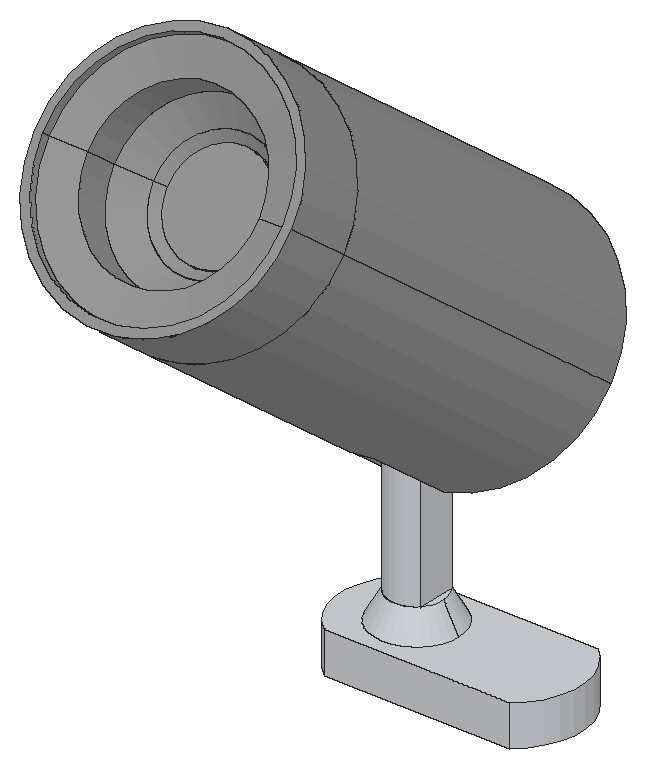
Revit family "0005535", category Generic Models, host Face, Revit 2018
Family settings
  Host = Face
  Can host rebar = No
  Round Connector Dimension = Use Diameter
  Part Type = Normal
  OmniClass Number = 23.80.70.00
  OmniClass Title = Lighting
  Cut with Voids When Loaded = No
  Shared = No
  Room Calculation Point = No
Parameters (values of type "Type Name")
  Width = 75 mm
  URL = "http://www.sylvania-lighting.com"
  Type Image = <None>
  Type Comments = "n/a"
  Material_3_SYL = none
  Model = ""
  Manufacturer = "Feilo Sylvania"
  Length = 158 mm
  Keynote = ""
  Material_2_SYL = none
  Height = 202 mm
  Description = ""
  Default Elevation = 1219.2 mm
  Cost = 0
  Material_1_SYL = none
  Assembly Code = ""
  Material_4_SYL = none
  Adaptor width = 32 mm
  Adaptor length = 70 mm
Reference planes
  plane 1 "Center (Front/Back)": y = 0
  plane 2: z = 0
  plane 3 "Center (Left/Right)": x = 0
  plane 4: y = 16
  plane 5: y = -16
  plane 6: x = -35
  plane 7: x = 35
  plane 8: z = 20
  plane 9: z = 35
  plane 10: z = 202
  plane 11: z = -30
  plane 12: z = -20
  plane 13: y = -46
  plane 14: y = 46
  plane 15: z = -31.471
  plane 16: z = -32.971
  plane 17: x = -27
  plane 18: x = 27
  plane 19: x = 17
  plane 20: y = 37.5
  plane 21: y = -37.5
  plane 22: x = -92.589
  plane 23: x = 65.411
Forms (mm)
  Extrusion 1, solid
    sketch origin (0, 0, 0) x (1, 0, 0) y (0, 1, 0)
      loop
        line (-27, -16) -> (27, -16)
        arc (27, -16) -> (35, 0) -> (27, 16) r 20
        line (27, 16) -> (-27, 16)
        arc (-27, 16) -> (-35, 0) -> (-27, -16) r 20
    from 0 to 12
Dimensions and locks
  "Adaptor width": plane 4 to plane 5
  equal spacing: plane 4, plane 1 "Center (Front/Back)", plane 5
  "Adaptor length": plane 6 to plane 7
  equal spacing: plane 6, plane 3 "Center (Left/Right)", plane 7
  "Width": plane 20 to plane 21
  equal spacing: plane 20, plane 1 "Center (Front/Back)", plane 21
  "Length": plane 22 to plane 23
  "Height": plane 10 to host face
  aligned and locked: plane 2 to host face
  aligned and locked: level to host face
Automatic sketch dimensions
  host sketch curve to host sketch curve = 2438.4 mm  (x2)
  Extrusion 1 sketch curve to plane 5 = 0 mm
  Extrusion 1 sketch curve to plane 4 = 0 mm
  Extrusion 1 sketch curve to plane 17 = 0 mm  (x2)
  plane 1 "Center (Front/Back)" to Extrusion 1 sketch curve = 0 mm
  Extrusion 1 sketch curve to plane 18 = 0 mm
  plane 17 to Extrusion 1 sketch curve = 12 mm
  Extrusion 1 sketch curve to plane 19 = 2 mm
Nested families
  nested 1: "0005535 Lenzo arm and Spot Generic Family face based" at (-13.591, 0.709, 12), type "Type Name"
Definition of nested family "0005535 Lenzo arm and Spot Generic Family face based"
  Parameters (values of type "Type Name")
    cutout = 11.5 mm
    Width = 25 mm
    URL = "http://www.sylvania-lighting.com"
    Type Image = (empty or 0)
    Type Comments = "n/a"
    Material_3_SYL = none
    Model = ""
    Manufacturer = "Feilo Sylvania"
    Length = 25 mm
    Keynote = ""
    Material_2_SYL = none
    Description = ""
    Default Elevation = 1219.2 mm
    Cost = 0
    Material_1_SYL = none
    Assembly Code = ""
    Material_4_SYL = none
  Reference planes
    plane 1 "Center (Front/Back)": y = 0
    plane 2: z = 0
    plane 3 "Center (Left/Right)": x = 0
    plane 4: y = 12.5
    plane 5: y = -12.5
    plane 6: x = -12.5
    plane 7: x = 12.5
    plane 8: z = 55
    plane 9: y = -46
    plane 10: y = 46
    plane 11: z = 8
    plane 12: x = 8
    plane 13: x = -8
    plane 14: x = 5.75
    plane 15: x = -5.75
    plane 16: z = 47
    plane 17: z = 39
  Forms (mm)
    Extrusion 1, solid
      sketch origin (4.2, 0, 0) x (1, 0, 0) y (0, 1, 0)
        loop
          line (-1219.2, 1219.2) -> (-1219.2, -1219.2) -> (1219.2, -1219.2) -> (1219.2, 1219.2) -> (-1219.2, 1219.2)
      from 0 to -68.017
    Blend 2, solid
      base sketch origin (0, 0, 0) x (1, 0, 0) y (0, 1, 0)
        loop
          circle (0, 0) r 12.5
      top sketch origin (0, 0, 0) x (1, 0, 0) y (0, 1, 0)
        loop
          circle (0, 0) r 8
      from 0 to 8
    Extrusion 3, solid
      sketch origin (0, 0, 0) x (1, 0, 0) y (0, 1, 0)
        loop
          circle (0, 0) r 8
      from 0 to 47
    Extrusion 4, void
      sketch origin (1524, -324.9, 1219.2) x (1, 0, 0) y (0, 0, 1)
        loop
          line (-1529.75, -1172.2) -> (-1538.187, -1172.2) -> (-1538.187, -1219.2) -> (-1529.75, -1219.2) -> (-1529.75, -1172.2)
      from -331.966 to -316.181
    Extrusion 5, void
      sketch origin (1542.25, -324.9, 1219.2) x (1, 0, 0) y (0, 0, 1)
        loop
          line (-1529.75, -1172.2) -> (-1536.5, -1172.2) -> (-1536.5, -1219.2) -> (-1529.75, -1219.2) -> (-1529.75, -1172.2)
      from -331.966 to -316.181
    Revolve 6, solid
      sketch origin (-1547.657, 3.925, 1218.875) x (-1, 0, 0) y (0, 0, 1)
        loop
          line (-1530.908, -1172.2) -> (-1564.772, -1172.2) -> (-1564.772, -1180.2) -> (-1530.908, -1180.2) -> (-1530.908, -1172.2)
        axis (-1530.908, -1180.2) -> (-1564.772, -1180.2)
      angle from -83.086 to -38.086
  Cuts and joins
    Extrusion 4, Extrusion 5 cuts Extrusion 3
  Dimensions and locks
    "Width": plane 4 to plane 5
    equal spacing: plane 4, plane 1 "Center (Front/Back)", plane 5
    "Length": plane 6 to plane 7
    equal spacing: plane 6, plane 3 "Center (Left/Right)", plane 7
    "cutout": plane 15 to plane 14
    equal spacing: plane 15, plane 3 "Center (Left/Right)", plane 14
    aligned and locked: plane 2 to Extrusion 1
    aligned and locked: level to Extrusion 1
  Automatic sketch dimensions
    Extrusion 1 sketch curve to Extrusion 1 sketch curve = 2438.4 mm  (x2)
    plane 1 "Center (Front/Back)" to Blend 2 sketch curve = 0 mm  (x2)
    Blend 2 sketch curve to plane 3 "Center (Left/Right)" = 0 mm  (x2)
    plane 1 "Center (Front/Back)" to Extrusion 3 sketch curve = 0 mm
    Extrusion 3 sketch curve to plane 3 "Center (Left/Right)" = 0 mm
    Extrusion 4 sketch curve to level = 0 mm
    plane 15 to Extrusion 4 sketch curve = 0 mm
    Extrusion 4 sketch curve to plane 6 = 1.687 mm
    Extrusion 4 sketch curve to plane 8 = 8 mm
    Extrusion 5 sketch curve to level = 0 mm
    Extrusion 5 sketch curve to plane 7 = 0 mm
    plane 14 to Extrusion 5 sketch curve = 0 mm
    Extrusion 5 sketch curve to plane 8 = 8 mm
    Revolve 6 sketch curve to plane 17 = 0.325 mm  (x2)
    plane 3 "Center (Left/Right)" to Revolve 6 sketch curve = 17.114 mm
    plane 13 to Revolve 6 sketch curve = 8.749 mm
    Revolve 6 sketch curve to plane 16 = 0.325 mm
    plane 12 to Revolve 6 sketch curve = 6.556 mm
    Revolve 6 sketch curve to plane 6 = 26.056 mm
    radius of Blend 2 sketch curve = 12.5 mm
    radius of Blend 2 sketch curve = 8 mm
    radius of Extrusion 3 sketch curve = 8 mm
  Nested families
    nested 1: "0005535 Lenzo Spotlight Family face based" at (0, 24.06, 64.368) x (1, 0, 0) z (0, -0.7871, 0.6168), type "0005535 LENZO LARGE 30W 930 ON BOARD DIM BLACK"
      with WarrantyStartDate "n/a", SerialNumber "n/a", InstallationDate "n/a", built-in parameter 1114216 (empty or 0), BarCode "n/a", AssetIdentifier "n/a"
  Definition of nested family "0005535 Lenzo Spotlight Family face based"
    Parameters (values of type "0005535 LENZO LARGE 30W 930 ON BOARD DIM BLACK")
      Weight = "n/a"
      Wattage Comments = ""
      Wattage = 9.2903 W
      WarrantyStartDate [instance] = "n/a"
      WarrantyGuarantorParts = "n/a"
      WarrantyDurationUnit = "n/a"
      WarrantyDurationParts = ""
      WarrantyDescription = "http://www.sylvania-lighting.com"
      built-in parameter 1150110 = 1 (stored number, unit not read)
      Voltage = 0 V
      URL = "0.9"
      TypeName = "Lenzo Large 30W 930 On Board Dim Black"
      Type Image = (empty or 0)
      Type Comments = "n/a"
      built-in parameter 1114217 = 1 (stored number, unit not read)
      Tilt Angle = -90.00°
      built-in parameter 1150109 = 1 (stored number, unit not read)
      built-in parameter 1150134 = 3
      built-in parameter 1150113 = 1 (stored number, unit not read)
      SerialNumber [instance] = "n/a"
      Photometric Web File = "0005535-WB.IES"
      Material_3_SYL = none
      PowerFactor = 0
      PowerConsumption = "Lighting"
      NominalLength = 75 mm
      NominalHeight = 45 mm
      NominalDepth = 75 mm
      Name = "Lenzo Large 30W 930 On Board Dim Black"
      ModelReference = Name  # "Lenzo Large 30W 930 On Board Dim Black"
      ModelNumber = "0005535"
      Model = Name  # "Lenzo Large 30W 930 On Board Dim Black"
      Material = "Feilo Sylvania"
      ManufacturerName = "65 lm/W"
      Manufacturer = ""
      LuminousEfficacy = ""
      built-in parameter 1150105 = 109.82 (stored number, unit not read)
      Lumens = 1380 lm
      LuminaireType = "0"
      built-in parameter 1150115 = 1 (stored number, unit not read)
      LightOutputRatio = "LED"
      built-in parameter 1150137 = (empty or 0)
      built-in parameter 1150139 = (empty or 0)
      LampsType = Lamp  # "n/a"
      LampNominalLuminous = "3000 K"
      LampMacAdamStep = "90"
      LampColourTemperature = "LED"
      LampColourRenderingIndex = "16500"
      built-in parameter 1150112 = 1 (stored number, unit not read)
      built-in parameter 1150114 = 1 (stored number, unit not read)
      Lamp = "n/a"
      Keynote = "n/a"
      InstallationDate [instance] = "n/a"
      InputVoltage = "0"
      InputNominalFrequency = "3000"
      built-in parameter 1150132 = (empty or 0)
      built-in parameter 1150102 = (empty or 0)
      built-in parameter 1150107 = 3200 (stored number, unit not read)
      built-in parameter 1150138 = (empty or 0)
      IngressProtection = "IfcLightFixtureType"
      ImpactProtectionIndex = "IfcLightFixtureType"
      built-in parameter 1150106 = 1.0982 (stored number, unit not read)
      IfcExportType = "IfcLightFixtureType"
      IfcExportAs = "Class I"
      Emit from Circle Diameter = 609.6 mm
      Emit Shape Visible in Rendering = no
      ElectricShockClassification = "65"
      built-in parameter 1150104 = 13.8 (stored number, unit not read)
      DocumentationLiterature = "http://www.sylvania-lighting.com/product/en-int/products/0005535"
      DimmingControlOptions = "n/a"
      Material_2_SYL = none
      Dimming Lamp Color Temperature Shift = (empty or 0)
      Description = "The new generation of Lenzo improves the Sylvania track spot range with a simple and slick integral design fixture, with no driver box and no visible screws. Simple and integral design (diameter Ø75mm). Die cast aluminium body, passive cooling heat sink. Adjustable beam angle 18° - 50° Textured Black - RAL 9005. Light color temperature: 3000K, warm white, total system power: 30W. Total fixture output: 1925lm, efficacy: 65lm/W, Ra90 typical, LED chromacity: 3 step MacAdam ellipse (SDCM3), IR/UV free light source without heat radiation, operating voltage: 220-240V / 50-60Hz. On Board dimming driver, ultra low flicker rate, power factor: >0.90, electrical protection: Class I. Degree of protection: IP20, suitable for indoor environment only. Suitable for 3-circuit tracks, horizontal rotation: 345°, vertical tilt: 90°. Dimensions: Ø75x221mm, weight: 0.72Kg."
      Default Elevation = 1219.2 mm
      CreatedOn = "03/04/2023"
      CreatedBy = "@sylvania-lighting.com"
      Cost = 0
      Color Filter = 16777215
      built-in parameter 1114216 [instance] = (empty or 0)
      ClassificationValue = "EF_70_80"
      ClassificationName = "Uniclass2015"
      Material_1_SYL = none
      BarCode [instance] = "n/a"
      built-in parameter 1114218 = 1 (stored number, unit not read)
      built-in parameter 1150133 = 10 (stored number, unit not read)
      AssetType = "Fixed"
      AssetIdentifier [instance] = "n/a"
      Assembly Code = "D5020200"
      Apparent Load = 30 VA
      Material_4_SYL = none
    Reference planes
      plane 1 "Center (Front/Back)": y = 0
      plane 2: z = 0
      plane 3 "Center (Left/Right)": x = 0
      plane 4: x = -37.5
      plane 5: x = 37.5
      plane 6: y = 37.5
      plane 7: y = -37.5
      plane 8: z = 45
      plane 9: y = -21.5
      plane 10: x = -7
      plane 11: x = 7
    Forms (mm)
      Extrusion 1, solid
        sketch origin (4.2, 0, 0) x (1, 0, 0) y (0, 1, 0)
          loop
            line (-1219.2, 1219.2) -> (-1219.2, -1219.2) -> (1219.2, -1219.2) -> (1219.2, 1219.2) -> (-1219.2, 1219.2)
        from 0 to -68.017
      Extrusion 2, solid
        sketch origin (0, 0, 0) x (1, 0, 0) y (0, 1, 0)
          loop
            circle (0.015, 0.002) r 37.498
        from 0 to 124
      Extrusion 3, solid
        sketch origin (0, 0, 0) x (1, 0, 0) y (0, 1, 0)
          loop
            circle (0, 0) r 37.5
        from 124 to 148
      Extrusion 4, void
        sketch origin (0, 0, 0) x (1, 0, 0) y (0, 1, 0)
          loop
            line (-7, -21.5) -> (-7, -37.5) -> (7, -37.5) -> (7, -21.5) -> (-7, -21.5)
        from 0 to 32
      Extrusion 5, void
        sketch origin (0, 0, 0) x (1, 0, 0) y (0, 1, 0)
          loop
            circle (0, 0) r 35
        from 148 to 145.5
      Blend 6, void
        base sketch origin (0, 0, 0) x (1, 0, 0) y (0, 1, 0)
          loop
            circle (0, 0) r 35
        top sketch origin (0, 0, 0) x (1, 0, 0) y (0, 1, 0)
          loop
            circle (0, 0) r 25
        from 145.5 to 143
      Extrusion 7, void
        sketch origin (0, 0, 0) x (1, 0, 0) y (0, 1, 0)
          loop
            circle (0, 0) r 25
        from 143 to 131
      Blend 8, void
        base sketch origin (0, 0, 0) x (1, 0, 0) y (0, 1, 0)
          loop
            circle (0, 0) r 25
        top sketch origin (0, 0, 0) x (1, 0, 0) y (0, 1, 0)
          loop
            circle (0, 0) r 15
        from 131 to 121
      Extrusion 9, solid, detail levels fine
        sketch origin (0, 0, 0) x (1, 0, 0) y (0, 1, 0)
          loop
            circle (0, 0) r 15
        from 121 to 122
    Cuts and joins
      Extrusion 4, Extrusion 5, Blend 6, Extrusion 7, Blend 8 cuts Extrusion 2
      Extrusion 5, Blend 6, Extrusion 7, Blend 8 cuts Extrusion 3
    Dimensions and locks
      "NominalLength": plane 4 to plane 5
      equal spacing: plane 4, plane 3 "Center (Left/Right)", plane 5
      "NominalDepth": plane 6 to plane 7
      equal spacing: plane 6, plane 1 "Center (Front/Back)", plane 7
      "NominalHeight": plane 8 to level
      aligned and locked: plane 2 to Extrusion 1
      aligned and locked: level to Extrusion 1
    Automatic sketch dimensions
      Extrusion 1 sketch curve to Extrusion 1 sketch curve = 2438.4 mm  (x2)
      Extrusion 2 sketch curve to plane 1 "Center (Front/Back)" = 0.002 mm
      plane 3 "Center (Left/Right)" to Extrusion 2 sketch curve = 0.015 mm
      plane 1 "Center (Front/Back)" to Extrusion 3 sketch curve = 0 mm
      Extrusion 3 sketch curve to plane 3 "Center (Left/Right)" = 0 mm
      Extrusion 4 sketch curve to plane 7 = 0 mm
      Extrusion 4 sketch curve to plane 10 = 0 mm
      Extrusion 4 sketch curve to plane 11 = 0 mm
      Extrusion 4 sketch curve to plane 9 = 0 mm
      plane 1 "Center (Front/Back)" to Extrusion 5 sketch curve = 0 mm
      Extrusion 5 sketch curve to plane 3 "Center (Left/Right)" = 0 mm
      plane 1 "Center (Front/Back)" to Blend 6 sketch curve = 0 mm  (x2)
      Blend 6 sketch curve to plane 3 "Center (Left/Right)" = 0 mm  (x2)
      plane 1 "Center (Front/Back)" to Extrusion 7 sketch curve = 0 mm
      Extrusion 7 sketch curve to plane 3 "Center (Left/Right)" = 0 mm
      plane 1 "Center (Front/Back)" to Blend 8 sketch curve = 0 mm  (x2)
      Blend 8 sketch curve to plane 3 "Center (Left/Right)" = 0 mm  (x2)
      plane 1 "Center (Front/Back)" to Extrusion 9 sketch curve = 0 mm
      Extrusion 9 sketch curve to plane 3 "Center (Left/Right)" = 0 mm
      radius of Extrusion 2 sketch curve = 37.498 mm
      radius of Extrusion 3 sketch curve = 37.5 mm
      radius of Extrusion 5 sketch curve = 35 mm
      radius of Blend 6 sketch curve = 35 mm
      radius of Blend 6 sketch curve = 25 mm
      radius of Extrusion 7 sketch curve = 25 mm
      radius of Blend 8 sketch curve = 25 mm
      radius of Blend 8 sketch curve = 15 mm
      radius of Extrusion 9 sketch curve = 15 mm
    Connectors
      electrical at (0, 0, 0), driven by "Apparent Load", driven by "PowerFactor", driven by "Voltage"
        settings: index 1, voltage 0 V, apparent load 30 VA, apparent load phase1 0 VA, apparent load phase2 0 VA, apparent load phase3 0 VA, power factor 0, load classification none, number of poles 1, system type 30, power factor state 1, is connector primary yes, connector utility no, sub classification motor no, connector description ""
